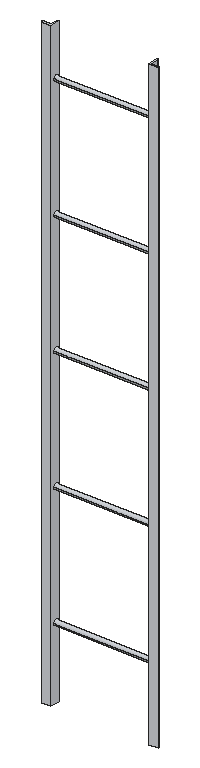
Revit family "Straight_Ladder", category Generic Models, Revit 2022
Family settings
  Can host rebar = No
  Round Connector Dimension = Use Diameter
  Part Type = Normal
  Work Plane-Based = No
  Always vertical = Yes
  Cut with Voids When Loaded = No
  Maintain Annotation Orientation = No
  Shared = No
  Room Calculation Point = No
Parameters
  W [instance] = 400 mm
  No [instance] = 5
  H [instance] = 2500 mm
  Default Elevation = 0 mm
Reference planes
  plane 1 "Center (Front/Back)": y = 0
  plane 2: z = 0
  plane 3 "Center (Left/Right)": x = 0
  plane 4: z = 2500
  plane 5: x = -200
  plane 6: x = 200
  plane 7: z = 300
  plane 8: z = 2300
Forms (mm)
  Sweep 1, solid
    path origin (0, 0, 0) x (1, 0, 0) y (0, 0, 1)
      loop
        line (-200, 0) -> (-200, 2500)
    profile origin (-200, 0, 1250) x (-1, 0, 0) y (0, -1, 0)
      loop
        line (0, 0) -> (0, -40)
        arc (0, -40) -> (3.722, -39.442) -> (6, -36.447) r 5
        line (6, -36.447) -> (6, -6) -> (36.447, -6)
        arc (36.447, -6) -> (39.442, -3.722) -> (40, 0) r 5
        line (40, 0) -> (0, 0)
  Sweep 2, solid
    path origin (0, 0, 0) x (-1, 0, 0) y (0, 0, -1)
      loop
        line (-200, 0) -> (-200, -2500)
    profile origin (200, 0, 1250) x (-1, 0, 0) y (0, -1, 0)
      loop
        line (0, 0) -> (-40, 0)
        arc (-40, 0) -> (-39.442, -3.722) -> (-36.447, -6) r 5
        line (-36.447, -6) -> (-6, -6) -> (-6, -36.447)
        arc (-6, -36.447) -> (-3.722, -39.442) -> (0, -40) r 5
        line (0, -40) -> (0, 0)
Dimensions and locks
  "H": plane 4 to level
  equal spacing: plane 6, plane 3 "Center (Left/Right)", plane 5
  "W": plane 6 to plane 5
  locked: plane 7 to level at 300
  equal spacing: group 1, group 3, group 4, group 5, group 2  (x3)
  locked: plane 4 to plane 8 at 200
  aligned and locked: level to plane 2
  aligned and locked: plane 5 to Sweep 1 sketch curve
  aligned and locked: plane 2 to Sweep 1 sketch curve
  aligned and locked: plane 2 to Sweep 2 sketch curve
  aligned and locked: nested 1 to plane 5
  aligned and locked: plane 5 to nested 1
  aligned and locked: plane 7 to nested 1
  aligned and locked: Sweep 1 to nested 2
  aligned and locked: plane 8 to nested 2
Automatic sketch dimensions
  Sweep 1 sketch curve to profile plane = 0 mm
  plane 1 "Center (Front/Back)" to Sweep 1 sketch curve = 0 mm
  Sweep 1 sketch curve to profile plane = 1.174 mm
  Sweep 1 sketch curve to profile plane = 6 mm
  Sweep 1 sketch curve to plane 1 "Center (Front/Back)" = 1.174 mm
  Sweep 1 sketch curve to Sweep 1 sketch curve = 29.14 mm  (x2)
  Sweep 1 sketch curve to Sweep 1 sketch curve = 4.86 mm
  Sweep 1 sketch curve to Sweep 1 sketch curve = 1.307 mm  (x2)
  plane 1 "Center (Front/Back)" to Sweep 2 sketch curve = 0 mm
  Sweep 2 sketch curve to profile plane = 0 mm
  profile plane to Sweep 2 sketch curve = 1.174 mm
  Sweep 2 sketch curve to Sweep 2 sketch curve = 4.826 mm
  Sweep 2 sketch curve to plane 1 "Center (Front/Back)" = 1.174 mm
  Sweep 2 sketch curve to Sweep 2 sketch curve = 29.14 mm  (x2)
  Sweep 2 sketch curve to Sweep 2 sketch curve = 1.307 mm  (x2)
  Sweep 2 sketch curve to Sweep 2 sketch curve = 4.86 mm
  Sweep 2 sketch curve to plane 4 = 0 mm
  Sweep 2 sketch curve to plane 6 = 0 mm
  Sweep 1 sketch curve to plane 4 = 0 mm
Nested families
  nested 1: "Family2" at (-200, 20, 300), W <- "W", type "Family2"
    with W 400 mm, Dia 10 mm
  nested 2: "Family2" at (-200, 20, 2300), W <- "W", type "Family2"
    with W 400 mm, Dia 10 mm
  nested 3: "Family2" at (-200, 20, 800), W <- "W", type "Family2"
    with W 400 mm, Dia 10 mm
  nested 4: "Family2" at (-200, 20, 1300), W <- "W", type "Family2"
    with W 400 mm, Dia 10 mm
  nested 5: "Family2" at (-200, 20, 1800), W <- "W", type "Family2"
    with W 400 mm, Dia 10 mm
Definition of nested family "Family2"
  Parameters (values of type "Family2")
    W [instance] = 430 mm
    Dia [instance] = 20 mm
    Default Elevation = 0 mm
  Reference planes
    plane 1 "Center (Front/Back)": y = 0
    plane 2: z = 0
    plane 3 "Center (Left/Right)": x = 0
  Forms (mm)
    Extrusion 1, solid
      sketch origin (0, 0, 0) x (0, 1, 0) y (0, 0, 1)
        loop
          circle (0, 0) r 20
      from 0 to 430
  Dimensions and locks
    "W": plane 3 "Center (Left/Right)" to Extrusion 1
    "Dia": radius of Extrusion 1 sketch curve
    aligned and locked: level to plane 2
    aligned and locked: Extrusion 1 to plane 3 "Center (Left/Right)"
  Automatic sketch dimensions
    Extrusion 1 sketch curve to level = 0 mm
    Extrusion 1 sketch curve to plane 1 "Center (Front/Back)" = 0 mm
